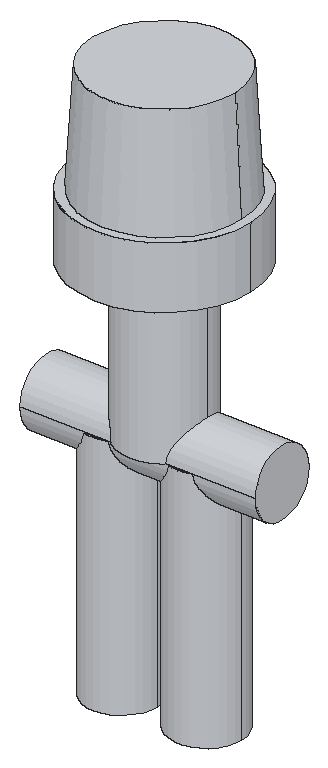
Revit family "304_Cim717LF-_", category Pipe Accessories, Revit 2017
Family settings
  Round Connector Dimension = Use Diameter
  Part Type = Valve - Breaks Into
  Work Plane-Based = No
  Always vertical = Yes
  Cut with Voids When Loaded = No
  Shared = No
Parameters (values of type "Cim717LF-10")
  magi_piping_given_dp [instance] = 0.0 Pa
  magiProductId = "Cim717LF-10"
  magiProductFamilyId = "Cim717LF-*"
  magiProductCode = "Cim717LF-10"
  magiPartTypeId = 304
  ang2D [instance] = 0.00°
  W2D = 15 mm
  VersionID = "2.0/2015.11/CIMBERIO_CIM717_001"
  Use Minimum Symbol Size [instance] = yes
  URL = "www.cimberio.it"
  T = 15 mm
  QmdConnectorList = "301;D;302;D"
  Productdata [instance] = "© Progman Oy, all rights reserved"
  Manufacturer = "Cimberio"
  MC_Default_elevation = 0 mm
  LL = 26.5 mm
  L2D_Min = 3048 mm
  L2D = 53 mm
  L2 = 9.5 mm
  L = 53 mm
  H4__ve = -H4  # -55 mm
  H4 = 55 mm
  H3 = 36 mm
  H2 = 14 mm
  H1 = 25 mm
  Description = "AUTOMATIC BALANCING VALVE P.I.C.V. - PN 25 - \"CR\" BRASS - LOW FLOW"
  D2 = 16 mm
  D1 = 19.5 mm
  D = 15 mm
  CH = 19.5 mm
  CAT0 = yes
  A1 = 32 mm
  A = 35 mm
Types (2, lengths in mm): name | magiProductId | magiProductCode | W2D | T | LL | L2D | L2 | L | D1 | D
  Cim717LF-10 | "Cim717LF-10" | "Cim717LF-10" | 15 | 15 | 26.5 | 53 | 9.5 | 53 | 19.5 | 15
  Cim717LF-15 | "Cim717LF-15" | "Cim717LF-15" | 20 | 20 | 32.5 | 65 | 15 | 65 | 26 | 20
Reference planes
  plane 1 "Center (Front/Back)": y = 0
  plane 2 "XYPLANE": z = 0
  plane 3 "Center (Left/Right)": x = 0
  plane 4 "INIT_TEMP": y = 100
  plane 5 "72": x = 9.5
  plane 6 "71": x = -9.5
  plane 7 "70": z = 75
  plane 8 "69": z = 50
  plane 9 "68": z = 36
  plane 10 "67": x = 26.5
  plane 11 "66": x = -26.5
  plane 12 "65": z = 0
  plane 13 "64": x = 0
  plane 14 "63": y = 0
Forms (mm)
  Extrusion 1, solid, visible <- "CAT0"
    sketch origin (-750, 0, 36) x (1, 0, 0) y (0, 1, 0)
      loop
        circle (750, 0) r 19.5
    from 0 to 14 <- "H2"
  Extrusion 2, solid, visible <- "CAT0"
    sketch origin (-750, 0, 0) x (1, 0, 0) y (0, 1, 0)
      loop
        circle (759.5, 0) r 8
    from 0 to -55 <- "H4__ve"
  Extrusion 3, solid, visible <- "CAT0"
    sketch origin (-750, 0, 0) x (1, 0, 0) y (0, 1, 0)
      loop
        circle (740.5, 0) r 8
    from 0 to -55 <- "H4__ve"
  Blend 4, solid, visible <- "CAT0"
    base sketch origin (-750, 0, 50) x (1, 0, 0) y (0, 1, 0)
      loop
        circle (750, 0) r 17.5
    top sketch origin (-750, 0, 50) x (1, 0, 0) y (0, 1, 0)
      loop
        circle (750, 0) r 16
    from 0 to 25
  Extrusion 5, solid
    sketch origin (-750, 0, 0) x (1, 0, 0) y (0, 1, 0)
      loop
        circle (750, 0) r 9.75
    from 0 to 36 <- "H3"
  Extrusion 6, solid
    sketch origin (-26.5, -750, 0) x (0, 1, 0) y (0, 0, 1)
      loop
        circle (750, 0) r 7.5
    from 0 to 53 <- "L"
  Extrusion 7, solid, not visible
    sketch origin (26.5, -750, 0) x (0, 1, 0) y (0, 0, 1)
      loop
        circle (750, 0) r 10
    from 0 to -10
  Extrusion 8, solid, not visible
    sketch origin (-26.5, -750, 0) x (0, 1, 0) y (0, 0, 1)
      loop
        circle (750, 0) r 10
    from 0 to 10
Text (mm)
  text "© Progman Oy, all rights reserved" at (-472.209, -2482.653, 0), in view "Ref. Level"
Dimensions and locks
  plane 4 "INIT_TEMP" to plane 1 "Center (Front/Back)" = 100 mm
  "L2": plane 3 "Center (Left/Right)" to plane 5 "72"
  "L2": plane 3 "Center (Left/Right)" to plane 6 "71"
  "H1": plane 8 "69" to plane 7 "70"
  "H2": plane 9 "68" to plane 8 "69"
  "H3": plane 2 "XYPLANE" to plane 9 "68"
  "LL": plane 3 "Center (Left/Right)" to plane 10 "67"
  "LL": plane 3 "Center (Left/Right)" to plane 11 "66"
  locked: plane 2 "XYPLANE" to plane 12 "65"
  locked: plane 3 "Center (Left/Right)" to plane 13 "64"
  locked: plane 1 "Center (Front/Back)" to plane 14 "63"
  "CH": radius of Extrusion 1 sketch curve
  "D2": diameter of Extrusion 2 sketch curve
  "D2": diameter of Extrusion 3 sketch curve
  "A1": diameter of Blend 4 sketch curve
  "A": diameter of Blend 4 sketch curve
  "D1": diameter of Extrusion 5 sketch curve
  "T": diameter of Extrusion 6 sketch curve
  aligned and locked: level to plane 2 "XYPLANE"
  aligned and locked: plane 13 "64" to Extrusion 1 sketch curve
  aligned and locked: plane 14 "63" to Extrusion 1 sketch curve
  aligned and locked: plane 5 "72" to Extrusion 2 sketch curve
  aligned and locked: plane 14 "63" to Extrusion 2 sketch curve
  aligned and locked: plane 6 "71" to Extrusion 3 sketch curve
  aligned and locked: plane 14 "63" to Extrusion 3 sketch curve
  aligned and locked: plane 13 "64" to Blend 4 sketch curve  (x2)
  aligned and locked: plane 14 "63" to Blend 4 sketch curve  (x2)
  aligned and locked: plane 7 "70" to Blend 4
  aligned and locked: plane 13 "64" to Extrusion 5 sketch curve
  aligned and locked: plane 14 "63" to Extrusion 5 sketch curve
  aligned and locked: plane 12 "65" to Extrusion 6 sketch curve
  aligned and locked: Extrusion 6 sketch curve to plane 14 "63"
  aligned and locked: plane 12 "65" to Extrusion 7 sketch curve
  aligned and locked: Extrusion 7 sketch curve to plane 14 "63"
  aligned and locked: plane 12 "65" to Extrusion 8 sketch curve
  aligned and locked: Extrusion 8 sketch curve to plane 14 "63"
Automatic sketch dimensions
  plane 1 "Center (Front/Back)" to Extrusion 7 sketch curve = 10 mm
  plane 1 "Center (Front/Back)" to Extrusion 8 sketch curve = 10 mm
Connectors
  piping at (-26.5, 0, 0), diameter 15, driven by "D"
    settings: on Extrusion 8, index 1, connector inside diameter 609.6 mm, connector length 0 mm, flow factor 0, pipe flow 0.0 L/s, pressure drop 0.0 Pa, fitting loss kfactor 0, connector angle 0.00°, fixture units 0, engagement length 0 mm, angle of deflection 0.00°, flow configuration 0, flow direction 0, fitting loss method 0, system type 29, joint type 0, gender type 0, connector reference index 2, connector utility 0, adjustable connector no, is connector primary yes, connector description ""
  piping at (26.5, 0, 0), diameter 15, driven by "D"
    settings: on Extrusion 7, index 2, connector inside diameter 609.6 mm, connector length 0 mm, flow factor 0, pipe flow 0.0 L/s, pressure drop 0.0 Pa, fitting loss kfactor 0, connector angle 0.00°, fixture units 0, engagement length 0 mm, angle of deflection 0.00°, flow configuration 0, flow direction 0, fitting loss method 0, system type 29, joint type 0, gender type 0, connector reference index 1, connector utility 0, adjustable connector no, is connector primary no, connector description ""
